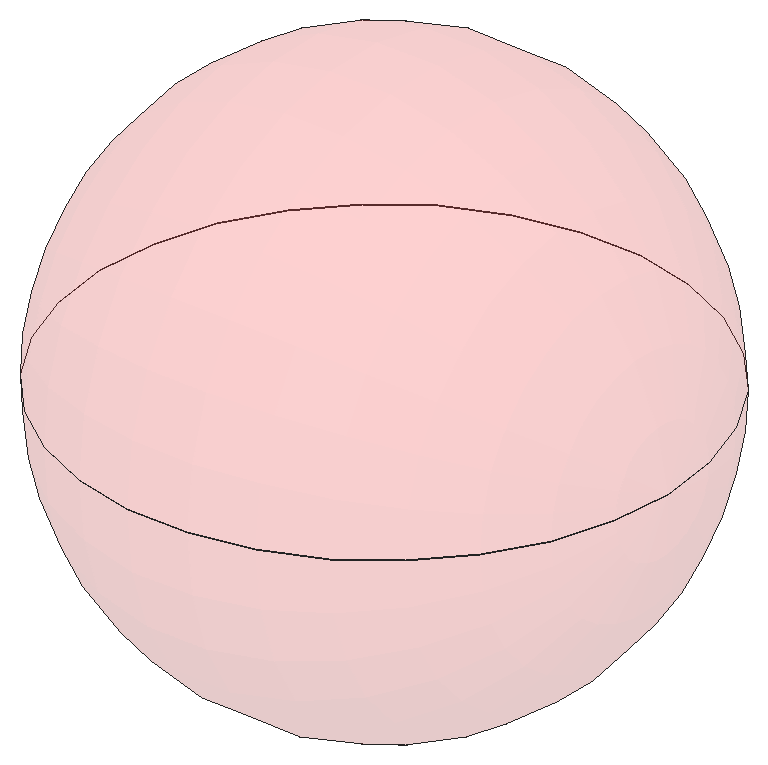
Revit family "BIM Track-Clash Sphere", category Modèles génériques, Revit 2017
Family settings
  Peut héberger une armature = Non
  Cote de connecteur circulaire = Utiliser le diamètre
  Type d'élément = Normal
  Basée sur le plan de construction = Non
  Toujours verticalement = Oui
  Couper avec des vides une fois chargée = Non
  Partagée = Non
  Point de calcul de pièce = Non
Parameters (values of type "Red-New")
  Material = BIM1-Half Tone Red
  Diameter = 1000 mm
  BIM Track Issue Title [instance] = ""
  BIM Track Issue Number [instance] = ""
  BIM Track Clash Guid [instance] = ""
Reference planes
  plane 1 "Center (Front/Back)": y = 0
  plane 2: z = 0
  plane 3 "Center (Left/Right)": x = 0
  plane 4: x = -500
  plane 5: x = 500
  plane 6: y = 500
  plane 7: y = -500
Forms (mm)
  Revolve 1, solid, material "BIM1-Half Tone Red" <- "Material"
    sketch origin (0, 0, 0) x (1, 0, 0) y (0, 1, 0)
      loop
        line (500, 0) -> (-500, 0)
        arc (-500, 0) -> (0, -500) -> (500, 0) r 500
      axis (500, 0) -> (-500, 0)
    angle from 0 to 360
Dimensions and locks
  equal spacing: plane 4, plane 3 "Center (Left/Right)", plane 5
  "Diameter": plane 4 to plane 5
  equal spacing: plane 6, plane 1 "Center (Front/Back)", plane 7
  "Diameter": plane 7 to plane 6
  "Diameter": diameter of Revolve 1 sketch curve
  aligned and locked: level to plane 2
  aligned and locked: Revolve 1 sketch curve to plane 1 "Center (Front/Back)"  (x2)
  aligned and locked: plane 3 "Center (Left/Right)" to Revolve 1 sketch curve
  aligned and locked: plane 1 "Center (Front/Back)" to Revolve 1 sketch curve
Automatic sketch dimensions
  Revolve 1 sketch curve to Revolve 1 sketch curve = 1600 mm
  Revolve 1 sketch curve to Revolve 1 sketch curve = 1520.382 mm
